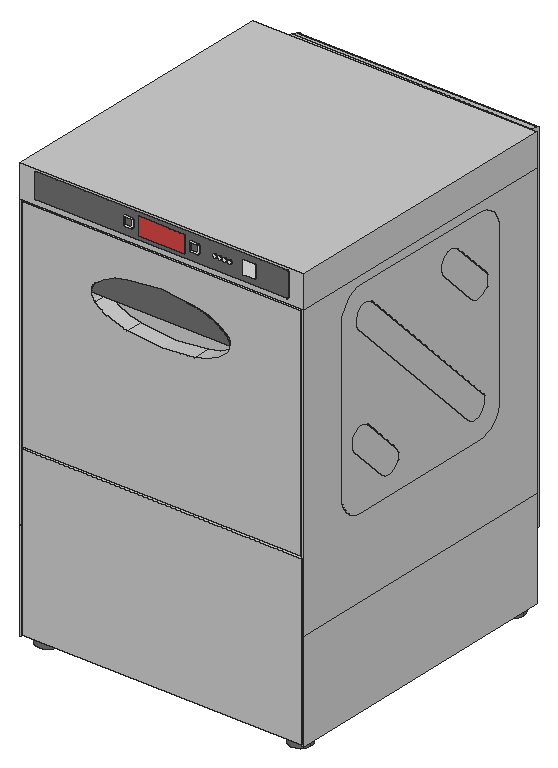
Revit family "QF_COMENDA_6B0010_6B0010DDPS_6B0012_6B0012DDPS_CAT", category Attrezzature speciali, Revit 2021
Family settings
  Quota connettore circolare = Usa diametro
  Tipo di parte = Normale
  Numero OmniClass = 23.40.40.14
  Titolo OmniClass = Food Service Equipment
  Basato su piano di lavoro = No
  Sempre verticale = Sì
  Taglio con vuoti quando caricato = No
  Condiviso = No
  Punto di calcolo locali = No
Parameters (values of type "6B0011DD")
  URL catalogo = "https://comenda.eu/wp-content/uploads/2024/04/Scheda-tecnica_PB34-R-DD_21.02.2024_ENG.pdf"
  URL = "www.comenda.eu"
  Tensione = 230 V
  Temperatura raccomandata per acqua fredda = 15 °C
  Show Logo [instance] = yes
  Show Clearance [instance] = yes
  Protezione contro le sovracorrenti = 16 A
  Prospetto di default = 0 mm
  Profondità = 521 mm
  Potenza elettrica = 2660 W
  Pessione minima acqua fredda = 20000.0 Pa
  Peso netto = 37.00 kg
  Numero dei poli = 1
  Modello = "PB34 R DD"
  Produttore = "COMENDA"
  Lunghezza = 460 mm
  Frequenza = 50 Hz
  Fase = 1
  Diametro dello scarico diretto di acqua = 1 3/8"
  Diametro condotta acqua fredda = 3/4"
  Descrizione = "SINGLE-PHASE GLASSWASHER, WITH RCD SYSTEM AND DETERGENT DOSING PUMP"
  Corrente di funzionamento normale = 12.1 A
  Assembly Code = ""
  Altezza dello scarico diretto acqua da pavimento finito = 36 mm
  Altezza allacciamento elettrico da pavimento finito = 47 mm
  Altezza allacciamento acqua fredda da pavimento finito = 36 mm
  Altezza = 698 mm
Types (9, lengths in mm): name | URL catalogo | Modello | Descrizione
  6B0010 | "" | "PB34" | "SINGLE-PHASE GLASSWASHER"
  6B0012 | "" | "PB34A" | "SINGLE-PHASE GLASSWASHER WITH WATER SOFTENER"
  6B0010DDPS | "https://comenda.eu/wp-content/uploads/2024/02/Scheda-tecnica_PB34-_15.02.2024_ENG.pdf" | "PB34+" | "SINGLE-PHASE GLASSWASHER WITH DRAIN PUMP, DETERGENT DOSING PUMP"
  6B0012DDPS | "https://comenda.eu/wp-content/uploads/2024/02/Scheda-tecnica_PB34-A_15.02.2024_ENG.pdf" | "PB34A+" | "SINGLE-PHASE GLASSWASHER WITH DRAIN PUMP, DETERGENT DOSING PUMP"
  6B0010DD | "https://comenda.eu/wp-content/uploads/2024/02/Scheda-tecnica_PB34-DD_15.02.2024_ENG.pdf" | "PB34 DD" | "SINGLE-PHASE GLASSWASHER, WITH DETERGENT DOSING PUMP"
  6B0012DD | "https://comenda.eu/wp-content/uploads/2024/02/Scheda-tecnica_PB34-A-DD_15.02.2024_ENG.pdf" | "PB34A DD" | "SINGLE-PHASE GLASSWASHER WITH WATER SOFTENER AND DETERGENT DOSING PUMP"
  6B0011 | "" | "PB34 R" | "SINGLE-PHASE GLASSWASHER WITH RDC SYSTEM"
  6B0011DD | "https://comenda.eu/wp-content/uploads/2024/04/Scheda-tecnica_PB34-R-DD_21.02.2024_ENG.pdf" | "PB34 R DD" | "SINGLE-PHASE GLASSWASHER, WITH RCD SYSTEM AND DETERGENT DOSING PUMP"
  6B0011DDPS | "https://comenda.eu/wp-content/uploads/2024/04/Scheda-tecnica_PB34-R-plus_21.02.2024_ITA.pdf" | "PB34 R+" | "SINGLE-PHASE GLASSWASHER, WITH RCD SYSTEM, DETERGENT DOSING PUMP AND DRAIN PUMPS"
Reference planes
  plane 1 "Back": y = 0
  plane 2: z = 0
  plane 3 "Left": x = 0
  plane 4 "Right": x = 460
  plane 5 "Front": y = -521
  plane 6 "Top": z = 698
Forms (mm)
  Extrusion 1, solid
    sketch origin (-369.112, 109.335, 21.444) x (0, 1, 0) y (0, 0, 1)
      loop
        line (-154.335, 654.764) -> (-154.335, 663.556) -> (-157.335, 663.556) -> (-157.335, 55.556) -> (-154.335, 55.556) -> (-154.335, 64.038) -> (-111.121, 68.677)
        arc (-111.121, 68.677) -> (-109.847, 69.329) -> (-109.335, 70.665) r 2
        line (-109.335, 70.665) -> (-109.335, 648.412)
        arc (-109.335, 648.412) -> (-109.86, 649.763) -> (-111.16, 650.404) r 2
        line (-111.16, 650.404) -> (-122.58, 653.655) -> (-154.335, 654.764)
    from 404.112 to 794.112
  Extrusion 2, solid
    sketch origin (-369.112, 109.335, 7) x (0, 1, 0) y (0, 0, 1)
      loop
        line (-157.335, 639) -> (-157.335, 691) -> (-629.335, 691) -> (-629.335, 639) -> (-157.335, 639)
    from 369.112 to 829.112
  Extrusion 3, solid
    sketch origin (130.888, 109.335, 299) x (1, 0, 0) y (0, 1, 0)
      loop
        line (-130.888, -157.335) -> (-130.888, -629.335) -> (-127.888, -629.335) -> (-127.888, -599.335) -> (326.112, -599.335) -> (326.112, -629.335) -> (329.112, -629.335) -> (329.112, -157.335) -> (-130.888, -157.335)
    from -127 to 347
  Extrusion 4, solid
    sketch origin (-0.2, 109.335, 19.998) x (0, 1, 0) y (0, 0, 1)
      loop
        line (-273.335, 610.282) -> (-513.335, 610.282)
        arc (-513.335, 610.282) -> (-541.619, 598.567) -> (-553.335, 570.282) r 40
        line (-553.335, 570.282) -> (-553.335, 320.282)
        arc (-553.335, 320.282) -> (-541.619, 291.998) -> (-513.335, 280.282) r 40
        line (-513.335, 280.282) -> (-273.335, 280.282)
        arc (-273.335, 280.282) -> (-245.05, 291.998) -> (-233.335, 320.282) r 40
        line (-233.335, 320.282) -> (-233.335, 570.282)
        arc (-233.335, 570.282) -> (-245.05, 598.567) -> (-273.335, 610.282) r 40
      loop
        arc (-490.387, 576.445) -> (-504.337, 582.483) -> (-518.456, 576.853) r 19.8
        arc (-518.456, 576.853) -> (-524.626, 562.794) -> (-519.011, 548.504) r 20
        line (-519.011, 548.504) -> (-296.656, 318.426)
        arc (-296.656, 318.426) -> (-282.566, 312.326) -> (-268.304, 318.013) r 20
        arc (-268.304, 318.013) -> (-262.196, 331.932) -> (-267.754, 346.079) r 19.8
        line (-267.754, 346.079) -> (-490.387, 576.445)
      loop
        arc (-317.21, 576.951) -> (-331.16, 582.989) -> (-345.279, 577.36) r 19.8
        arc (-345.279, 577.36) -> (-351.449, 563.3) -> (-345.834, 549.01) r 20
        line (-345.834, 549.01) -> (-290.239, 491.484)
        arc (-290.239, 491.484) -> (-276.149, 485.385) -> (-261.887, 491.071) r 20
        arc (-261.887, 491.071) -> (-255.779, 504.99) -> (-261.338, 519.138) r 19.8
        line (-261.338, 519.138) -> (-317.21, 576.951)
      loop
        line (-527.455, 373.565) -> (-471.525, 315.806)
        arc (-471.525, 315.806) -> (-457.57, 309.782) -> (-443.456, 315.425) r 19.8
        arc (-443.456, 315.425) -> (-437.3, 329.491) -> (-442.929, 343.775) r 20
        line (-442.929, 343.775) -> (-498.58, 401.247)
        arc (-498.58, 401.247) -> (-512.676, 407.332) -> (-526.932, 401.632) r 20
        arc (-526.932, 401.632) -> (-533.027, 387.707) -> (-527.455, 373.565) r 19.8
    from 0 to 2
  Extrusion 5, solid
    sketch origin (460.2, 109.335, 20.998) x (0, 1, 0) y (0, 0, -1)
      loop
        arc (-273.335, -610.282) -> (-245.05, -598.567) -> (-233.335, -570.282) r 40
        line (-233.335, -570.282) -> (-233.335, -320.282)
        arc (-233.335, -320.282) -> (-245.05, -291.998) -> (-273.335, -280.282) r 40
        line (-273.335, -280.282) -> (-513.335, -280.282)
        arc (-513.335, -280.282) -> (-541.619, -291.998) -> (-553.335, -320.282) r 40
        line (-553.335, -320.282) -> (-553.335, -570.282)
        arc (-553.335, -570.282) -> (-541.619, -598.567) -> (-513.335, -610.282) r 40
        line (-513.335, -610.282) -> (-273.335, -610.282)
      loop
        line (-490.387, -576.445) -> (-267.754, -346.079)
        arc (-267.754, -346.079) -> (-262.196, -331.932) -> (-268.304, -318.013) r 19.8
        arc (-268.304, -318.013) -> (-282.566, -312.326) -> (-296.656, -318.426) r 20
        line (-296.656, -318.426) -> (-519.011, -548.504)
        arc (-519.011, -548.504) -> (-524.626, -562.794) -> (-518.456, -576.853) r 20
        arc (-518.456, -576.853) -> (-504.337, -582.483) -> (-490.387, -576.445) r 19.8
      loop
        line (-317.21, -576.951) -> (-261.338, -519.138)
        arc (-261.338, -519.138) -> (-255.779, -504.99) -> (-261.887, -491.071) r 19.8
        arc (-261.887, -491.071) -> (-276.149, -485.385) -> (-290.239, -491.484) r 20
        line (-290.239, -491.484) -> (-345.834, -549.01)
        arc (-345.834, -549.01) -> (-351.449, -563.3) -> (-345.279, -577.36) r 20
        arc (-345.279, -577.36) -> (-331.16, -582.989) -> (-317.21, -576.951) r 19.8
      loop
        arc (-527.455, -373.565) -> (-533.027, -387.707) -> (-526.932, -401.632) r 19.8
        arc (-526.932, -401.632) -> (-512.676, -407.332) -> (-498.58, -401.247) r 20
        line (-498.58, -401.247) -> (-442.929, -343.775)
        arc (-442.929, -343.775) -> (-437.3, -329.491) -> (-443.456, -315.425) r 20
        arc (-443.456, -315.425) -> (-457.57, -309.782) -> (-471.525, -315.806) r 19.8
        line (-471.525, -315.806) -> (-527.455, -373.565)
    from 0 to 2
  Extrusion 6, solid
    sketch origin (130.888, 109.335, 165) x (1, 0, 0) y (0, 1, 0)
      loop
        line (-130.888, -157.335) -> (-130.888, -629.335) -> (-127.888, -629.335) -> (-127.888, -599.335) -> (326.112, -599.335) -> (326.112, -629.335) -> (329.112, -629.335) -> (329.112, -157.335) -> (-130.888, -157.335)
    from -153 to 7
  Extrusion 7, solid
    sketch origin (-369.112, -490, 0) x (1, 0, 0) y (0, 0, 1)
      loop
        line (826.612, 284.44) -> (371.612, 284.44) -> (371.612, 13.94) -> (826.612, 13.94) -> (826.612, 284.44)
    from 0 to 30
  Extrusion 8, solid
    sketch origin (130.888, 109.335, 20) x (1, 0, 0) y (0, 0, 1)
      loop
        line (-125.888, 622.9) -> (-125.888, 267.9) -> (324.412, 267.9) -> (324.412, 622.9) -> (-125.888, 622.9)
      loop
        arc (-8.984, 519.287) -> (15.254, 503.384) -> (43.152, 495.507) r 95.269
        arc (43.152, 495.507) -> (98.012, 489.91) -> (152.873, 495.507) r 271.685
        arc (152.873, 495.507) -> (180.771, 503.384) -> (205.009, 519.287) r 95.269
        arc (205.009, 519.287) -> (210.195, 532.722) -> (205.009, 546.158) r 19.998
        arc (205.009, 546.158) -> (180.771, 562.06) -> (152.873, 569.937) r 95.269
        arc (152.873, 569.937) -> (98.012, 575.534) -> (43.152, 569.937) r 271.685
        arc (43.152, 569.937) -> (15.254, 562.06) -> (-8.984, 546.158) r 95.269
        arc (-8.984, 546.158) -> (-14.17, 532.722) -> (-8.984, 519.287) r 19.998
    from 599.335 to 629.335
  Extrusion 9, solid
    sketch origin (130.888, 80.317, 20) x (1, 0, 0) y (0, 0, 1)
      loop
        line (-14.17, 532.722) -> (210.195, 532.722)
        arc (210.195, 532.722) -> (208.853, 539.923) -> (205.009, 546.158) r 19.998
        arc (205.009, 546.158) -> (180.771, 562.06) -> (152.873, 569.937) r 95.269
        arc (152.873, 569.937) -> (98.012, 575.534) -> (43.152, 569.937) r 271.685
        arc (43.152, 569.937) -> (15.254, 562.06) -> (-8.984, 546.158) r 95.269
        arc (-8.984, 546.158) -> (-12.828, 539.923) -> (-14.17, 532.722) r 19.998
    from 599.335 to 601.3
  Extrusion 10, solid
    sketch origin (130.888, 109.335, 20) x (1, 0, 0) y (0, 0, 1)
      loop
        arc (-8.984, 519.287) -> (15.254, 503.384) -> (43.152, 495.507) r 95.269
        arc (43.152, 495.507) -> (98.012, 489.91) -> (152.873, 495.507) r 271.685
        arc (152.873, 495.507) -> (180.771, 503.384) -> (205.009, 519.287) r 95.269
        arc (205.009, 519.287) -> (210.195, 532.722) -> (205.009, 546.158) r 19.998
        arc (205.009, 546.158) -> (180.771, 562.06) -> (152.873, 569.937) r 95.269
        arc (152.873, 569.937) -> (98.012, 575.534) -> (43.152, 569.937) r 271.685
        arc (43.152, 569.937) -> (15.254, 562.06) -> (-8.984, 546.158) r 95.269
        arc (-8.984, 546.158) -> (-14.17, 532.722) -> (-8.984, 519.287) r 19.998
    from 599.335 to 601.3
  Extrusion 11, solid
    sketch origin (-369.112, -518.2, 25) x (1, 0, 0) y (0, 0, 1)
      loop
        line (393.38, 667.5) -> (393.38, 631.5)
        arc (393.38, 631.5) -> (394.181, 629.568) -> (396.112, 628.768) r 2.732
        line (396.112, 628.768) -> (802.112, 628.768)
        arc (802.112, 628.768) -> (804.044, 629.568) -> (804.844, 631.5) r 2.732
        line (804.844, 631.5) -> (804.844, 667.5)
        arc (804.844, 667.5) -> (804.044, 669.432) -> (802.112, 670.232) r 2.732
        line (802.112, 670.232) -> (396.112, 670.232)
        arc (396.112, 670.232) -> (394.181, 669.432) -> (393.38, 667.5) r 2.732
    from 0 to 2
  Extrusion 12, solid
    sketch origin (-369.112, -518.4, -10) x (1, 0, 0) y (0, 0, 1)
      loop
        line (561.612, 670.5) -> (636.612, 670.5) -> (636.612, 698.556) -> (561.612, 698.556) -> (561.612, 670.5)
    from 0 to 2
  Extrusion 13, solid
    sketch origin (-376.934, -518.4, -59.384) x (1, 0, 0) y (0, 0, 1)
      loop
        arc (739.934, 744.884) -> (738.52, 744.299) -> (737.934, 742.884) r 2
        line (737.934, 742.884) -> (737.934, 724.884)
        arc (737.934, 724.884) -> (738.52, 723.47) -> (739.934, 722.884) r 2
        line (739.934, 722.884) -> (757.934, 722.884)
        arc (757.934, 722.884) -> (759.348, 723.47) -> (759.934, 724.884) r 2
        line (759.934, 724.884) -> (759.934, 742.884)
        arc (759.934, 742.884) -> (759.348, 744.299) -> (757.934, 744.884) r 2
        line (757.934, 744.884) -> (739.934, 744.884)
      loop
        line (558.434, 741.884) -> (548.434, 741.884)
        arc (548.434, 741.884) -> (546.313, 741.006) -> (545.434, 738.884) r 3
        line (545.434, 738.884) -> (545.434, 728.884)
        arc (545.434, 728.884) -> (546.313, 726.763) -> (548.434, 725.884) r 3
        line (548.434, 725.884) -> (558.434, 725.884)
        arc (558.434, 725.884) -> (560.555, 726.763) -> (561.434, 728.884) r 3
        line (561.434, 728.884) -> (561.434, 738.884)
        arc (561.434, 738.884) -> (560.555, 741.006) -> (558.434, 741.884) r 3
      loop
        line (665.442, 741.884) -> (655.442, 741.884)
        arc (655.442, 741.884) -> (653.321, 741.006) -> (652.442, 738.884) r 3
        line (652.442, 738.884) -> (652.442, 728.884)
        arc (652.442, 728.884) -> (653.321, 726.763) -> (655.442, 725.884) r 3
        line (655.442, 725.884) -> (665.442, 725.884)
        arc (665.442, 725.884) -> (667.563, 726.763) -> (668.442, 728.884) r 3
        line (668.442, 728.884) -> (668.442, 738.884)
        arc (668.442, 738.884) -> (667.563, 741.006) -> (665.442, 741.884) r 3
      loop
        circle (693.434, 733.884) r 3.1
      loop
        circle (701.434, 733.884) r 3.1
      loop
        circle (709.434, 733.884) r 3.1
      loop
        circle (717.434, 733.884) r 3.1
      loop
        arc (548.434, 739.884) -> (547.727, 739.592) -> (547.434, 738.884) r 1
        line (547.434, 738.884) -> (547.434, 728.884)
        arc (547.434, 728.884) -> (547.727, 728.177) -> (548.434, 727.884) r 1
        line (548.434, 727.884) -> (558.434, 727.884)
        arc (558.434, 727.884) -> (559.141, 728.177) -> (559.434, 728.884) r 1
        line (559.434, 728.884) -> (559.434, 738.884)
        arc (559.434, 738.884) -> (559.141, 739.592) -> (558.434, 739.884) r 1
        line (558.434, 739.884) -> (548.434, 739.884)
      loop
        arc (655.442, 739.884) -> (654.735, 739.592) -> (654.442, 738.884) r 1
        line (654.442, 738.884) -> (654.442, 728.884)
        arc (654.442, 728.884) -> (654.735, 728.177) -> (655.442, 727.884) r 1
        line (655.442, 727.884) -> (665.442, 727.884)
        arc (665.442, 727.884) -> (666.149, 728.177) -> (666.442, 728.884) r 1
        line (666.442, 728.884) -> (666.442, 738.884)
        arc (666.442, 738.884) -> (666.149, 739.592) -> (665.442, 739.884) r 1
        line (665.442, 739.884) -> (655.442, 739.884)
    from 0 to 2
  Extrusion 14, solid
    sketch origin (-344.112, 91.835, 0) x (1, 0, 0) y (0, 1, 0)
      loop
        circle (369.112, -157.335) r 17.5
      loop
        circle (369.112, -587.335) r 17.5
      loop
        circle (779.112, -157.335) r 17.5
      loop
        circle (779.112, -587.335) r 17.5
    from 0 to 12
  Extrusion 15, solid, visible <- "Show Clearance", detail levels coarse
    sketch origin (-369.112, 109.335, 20) x (0, 1, 0) y (0, 0, 1)
      loop
        line (-608.835, 267.9) -> (-608.835, 622.634)
        arc (-608.835, 622.634) -> (-857.536, 517.539) -> (-960.383, 267.9) r 355
        line (-960.383, 267.9) -> (-608.835, 267.9)
    from 374.112 to 824.412
  Extrusion 16, solid
    sketch origin (-339.112, -47.8, 35) x (1, 0, 0) y (0, 0, 1)
      loop
        circle (369.112, 12) r 15
    from 0 to 2
  Extrusion 17, solid
    sketch origin (-139.112, -47.8, 24) x (1, 0, 0) y (0, 0, 1)
      loop
        circle (369.112, 12) r 19
    from 0 to 2
  Extrusion 18, solid
    sketch origin (-84.112, -47.8, 24) x (1, 0, 0) y (0, 0, 1)
      loop
        circle (369.112, 12) r 19
    from 0 to 2
Lines and regions (mm)
  symbolic lines, style "200-EquipBorder-2D"
    curve 1: line (460, -48, 0) -> (0, -48, 0)
    curve 2: line (35, 0, 0) -> (35, -48, 0)
    curve 3: line (425, 0, 0) -> (35, 0, 0)
    curve 4: line (425, -48, 0) -> (425, 0, 0)
    curve 5: line (460, -520, 0) -> (460, -48, 0)
    curve 6: line (0, -48, 0) -> (0, -520, 0)
    curve 7: line (0, -520, 0) -> (460, -520, 0)
  symbolic lines, style "QF_Door-Drawer Clearances", visible <- "Show Clearance"
    curve 8: line (5, -520, 0) -> (5, -882, 0)
    curve 9: line (455.3, -882, 0) -> (5, -882, 0)
    curve 10: line (455.3, -882, 0) -> (455.3, -520, 0)
Dimensions and locks
  plane 3 "Left" to plane 4 "Right" = 460 mm
  plane 5 "Front" to plane 1 "Back" = 521 mm
  plane 6 "Top" to level = 698 mm
  level to plane 6 "Top" = 698 mm
  aligned and locked: level to plane 2
Connectors
  electrical at (30, -47.8, 47), driven by "Numero dei poli", driven by "Tensione", driven by "Potenza elettrica"
    settings: on Extrusion 16, index 1, voltage 230 V, apparent load 2660 VA, apparent load phase1 0 VA, apparent load phase2 0 VA, apparent load phase3 0 VA, power factor 1, load classification "Other", number of poles 1, system type 30, power factor state 1, is connector primary yes, connector utility no, sub classification motor no, connector description "QF_Electrical Connection"
  piping at (230, -47.8, 36), diameter 34.925, driven by "Diametro dello scarico diretto di acqua"
    settings: on Extrusion 17, index 2, connector inside diameter 24", connector length 0 mm, flow factor 0, pipe flow 0.0 L/s, pressure drop 0.0 Pa, fitting loss kfactor 0, connector angle 0.00°, fixture units 0, engagement length 0 mm, angle of deflection 0.00°, flow configuration 1, flow direction 2, fitting loss method 0, system type 16, joint type 0, gender type 0, connector reference index -1, connector utility 0, adjustable connector no, is connector primary yes, connector description "QF_Drain Connection"
  piping at (285, -47.8, 36), diameter 19.05, driven by "Diametro condotta acqua fredda"
    settings: on Extrusion 18, index 3, connector inside diameter 24", connector length 0 mm, flow factor 0, pipe flow 0.0 L/s, pressure drop 0.0 Pa, fitting loss kfactor 0, connector angle 0.00°, fixture units 0, engagement length 0 mm, angle of deflection 0.00°, flow configuration 1, flow direction 1, fitting loss method 0, system type 20, joint type 0, gender type 0, connector reference index -1, connector utility 0, adjustable connector no, is connector primary no, connector description "QF_Water Inlet"
